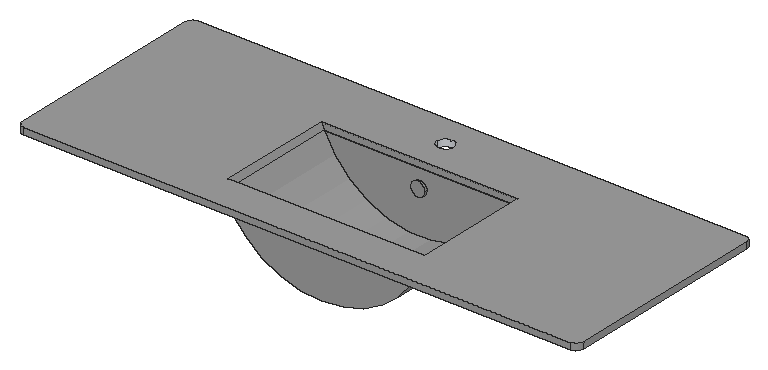
Revit family "L.DELFOS-N 120 ", category Plumbing Fixtures, Revit 2019
Family settings
  Round Connector Dimension = Use Diameter
  Part Type = Normal
  OmniClass Number = 23.45.00.00
  OmniClass Title = Sanitary, Laundry, and Cleaning Equipment
  Work Plane-Based = No
  Always vertical = Yes
  Cut with Voids When Loaded = No
  Shared = No
  Room Calculation Point = No
Reference planes
  plane 1 "Center (Front/Back)": y = 0
  plane 2: z = 0
  plane 3 "Center (Left/Right)": x = 0
Forms (mm)
  Extrusion 1, solid
    sketch origin (87.5, 0, 0) x (1, 0, 0) y (0, 0, 1)
      loop
        arc (36.357, 166.669) -> (251.357, 25.367) -> (466.357, 166.669) r 234.219
        line (466.357, 166.669) -> (36.357, 166.669)
    from 0 to 275
  Extrusion 2, solid
    sketch origin (0, 0, 0) x (1, 0, 0) y (0, 1, 0)
      loop
        line (-262.5, 110) -> (-262.5, -325)
        arc (-262.5, -325) -> (-258.107, -335.607) -> (-247.5, -340) r 15
        line (-247.5, -340) -> (922.5, -340)
        arc (922.5, -340) -> (933.107, -335.607) -> (937.5, -325) r 15
        line (937.5, -325) -> (937.5, 110)
        arc (937.5, 110) -> (933.107, 120.607) -> (922.5, 125) r 15
        line (922.5, 125) -> (-247.5, 125)
        arc (-247.5, 125) -> (-258.107, 120.607) -> (-262.5, 110) r 15
    from 166.669 to 179.949
  Extrusion 3, void
    sketch origin (87.5, 0, 0) x (1, 0, 0) y (0, 0, 1)
      loop
        arc (40, 179.949) -> (250, 34.026) -> (460, 179.949) r 224.069
        line (460, 179.949) -> (40, 179.949)
    from 13.18 to 262.715
  Extrusion 4, void
    sketch origin (87.5, 0, 0) x (1, 0, 0) y (0, 1, 0)
      loop
        circle (250, 55.91) r 17.5
    from 166.669 to 179.949
  Extrusion 5, solid
    sketch origin (87.5, 0, 0) x (1, 0, 0) y (0, 1, 0)
      loop
        circle (250, -137.5) r 32
    from 30.929 to 41.034
  Extrusion 6, solid
    sketch origin (0, 0, 0) x (1, 0, 0) y (0, 0, 1)
      loop
        circle (337.5, 126.669) r 15
    from 13.18 to 17.122
Cuts and joins
  Extrusion 3 cuts Extrusion 1
  Extrusion 3, Extrusion 4 cuts Extrusion 2
Dimensions and locks
  aligned and locked: level to plane 2
